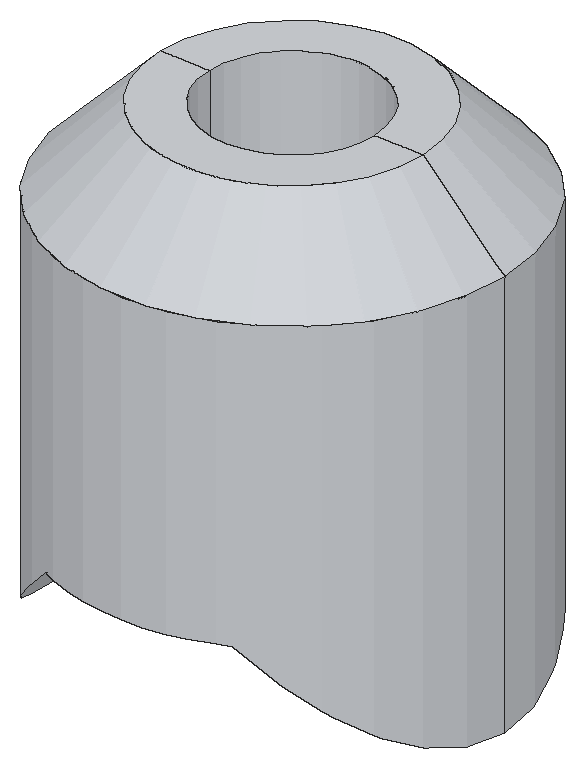
Revit family "RRHDWSSNDOFF", category Generic Models, Revit 2018
Family settings
  Can host rebar = No
  Round Connector Dimension = Use Diameter
  Part Type = Normal
  Work Plane-Based = No
  Always vertical = Yes
  Cut with Voids When Loaded = No
  Shared = Yes
  Room Calculation Point = No
Parameters
  Spacer Material = none
  Ship Complete Level [instance] = ""
  Required Date [instance] = ""
  Patent Information = "10495237, 10,697,562, 10,844,978, 11,262,000"
  Length = 1.150"
  Job [instance] = ""
  Group/Run [instance] = ""
  Description = "Standoff Standard Mount 304 for Sanitary Clamps"
  Custom [instance] = ""
  Catalog Number = "RRHDWSSNDOFF"
  Assembly Name [instance] = ""
  Assembly ID [instance] = ""
Reference planes (in)
  plane 1 "Center (Front/Back)": y = 0
  plane 2: z = 0
  plane 3 "Center (Left/Right)": x = 0
  plane 4 "top": z = 1.15
Forms (in)
  Revolve 1, solid, material <- "Spacer Material"
    sketch origin (0, 0, 0) x (1, 0, 0) y (0, 0, 1)
      loop
        line (0, 0) -> (0, 1.15) -> (-0.31, 1.15) -> (-0.5, 0.96) -> (-0.5, 0) -> (0, 0)
      axis (0, 1.15) -> (0, 0)
    angle from 0 to 360
  Extrusion 2, void
    sketch origin (0, 0, 0) x (1, 0, 0) y (0, 1, 0)
      loop
        circle (0, 0) r 0.195
    from 0 to 1.15
  Extrusion 3, void
    sketch origin (0, 0, 0) x (1, 0, 0) y (0, 0, 1)
      loop
        line (-0.22, 0.28) -> (-0.5, 0) -> (0.5, 0) -> (0.22, 0.28) -> (-0.22, 0.28)
    from -0.6 to 0.6
Cuts and joins
  Extrusion 2, Extrusion 3 cuts Revolve 1
Dimensions and locks (in)
  "Length": plane 4 "top" to level
  aligned and locked: plane 2 to level
  aligned and locked: Extrusion 2 to plane 4 "top"
Automatic sketch dimensions
  plane 1 "Center (Front/Back)" to Extrusion 2 sketch curve = 0.000"
  Extrusion 2 sketch curve to plane 3 "Center (Left/Right)" = 0.000"
  Revolve 1 sketch curve to level = 0.000"
  Revolve 1 sketch curve to plane 4 "top" = 0.000"
  Revolve 1 sketch curve to plane 3 "Center (Left/Right)" = 0.000"  (x2)
  Revolve 1 sketch curve to Revolve 1 sketch curve = 0.310"
  plane 4 "top" to Revolve 1 sketch curve = 0.190"
  Revolve 1 sketch curve to Revolve 1 sketch curve = 0.190"
  Revolve 1 sketch curve to Revolve 1 sketch curve = 1.13126"
  Revolve 1 sketch curve to Revolve 1 sketch curve = 4.61874"
  Extrusion 3 sketch curve to plane 3 "Center (Left/Right)" = 0.220"
  plane 3 "Center (Left/Right)" to Extrusion 3 sketch curve = 0.220"
  Extrusion 3 sketch curve to Extrusion 3 sketch curve = 0.280"  (x2)
  Extrusion 3 sketch curve to level = 0.000"
  level to Extrusion 3 sketch curve = 0.280"
  radius of Extrusion 2 sketch curve = 0.195"
